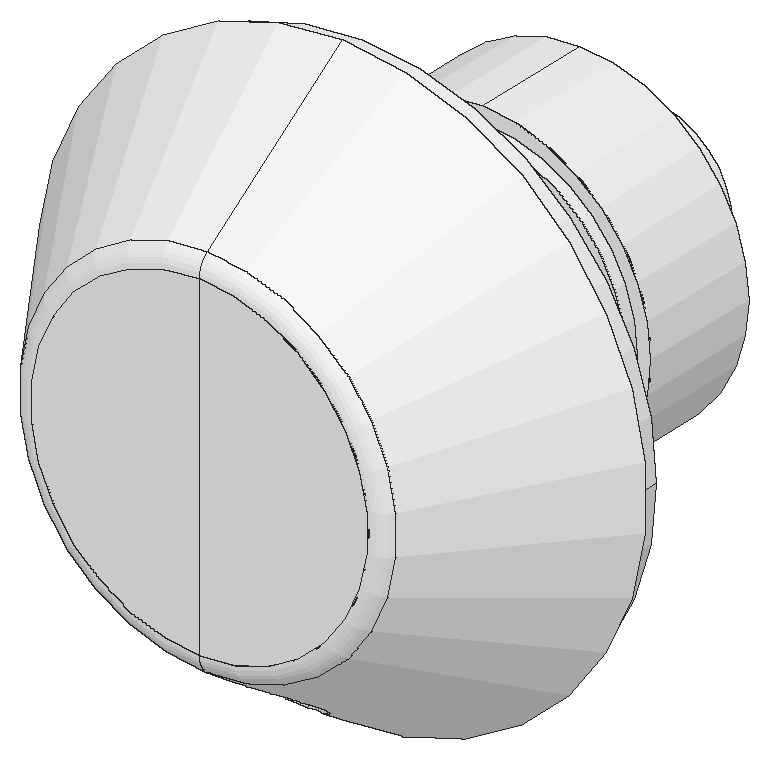
Revit family "NBS_WallgateLtd_WtrSplyFitngsForWshBsnsAndTrghs_BWN003", category Plumbing Fixtures, Revit 2014
Parameters (values of type "BWN003")
  Weight = "0.5kg"
  WaterSupplyTemperatureMaximum = "n/a"
  WaterSupplyFittingMaterial = NBS_Concept
  WarrantyStartDate [instance] = "1900-12-31T23:59:59"
  WarrantyGuarantorParts = "n/a"
  WarrantyGuarantorLabor = "n/a"
  WarrantyDurationUnit = "year"
  WarrantyDurationParts = "1"
  WarrantyDurationLabor = "n/a"
  WarrantyDescription = "n/a"
  WallThickness [instance] = 20 mm
  Version = "3"  # constant formula
  ValveOperation = "Unset"
  ValveMechanism = "Unset"
  Uniclass2 = "45-31-93/491"
  ThirdPartyCertification = "Watermark Certification"
  TestPressure = "0"
  TagNumber [instance] = "n/a"
  SustainabilityPerformance = "n/a"
  Standards = "n/a"
  Size = "12.7"
  Shape = "n/a"
  SerialNumber [instance] = "n/a"
  Revision = "n/a"
  ReplacementCost = "n/a"
  Reference = "n/a"
  ProductInformation = "www.wallgate.com/document-centre/docmenu-washroom-accessories/docmenu-accessories-taps/doccat-taps-and-nozzles"
  OperationOptions = "Piezo touch button or infra red sensor"
  Operation = "n/a"
  OperatingMechanismMaterial = "n/a"
  NominalWidth = 75 mm
  NominalLength = 69 mm
  NominalHeight = 75 mm
  Name = "WaterSupplyFittingsForBasinsAndTroughs_BWN003_WallgateLtd"
  NBSTypeID = "n/a"
  NBSReference = "45-35-70/371"
  NBSOfficeMasterTag = "n/a"
  NBSNote = "n/a"
  NBSDescription = "Water supply fittings for wash basins and troughs"
  NBSCertification = "www.nationalbimlibrary.com/cert/hzu4hzhd"
  ModelReference = "n/a"
  ModelNumber = "BWN003"
  Material = "n/a"
  ManufacturerURL = "www.wallgate.com"
  ManufacturerName = "Wallgate Ltd"  # constant formula
  Manufacturer = "sales@wallgate.com"
  IntegralAccessoryOptions = "WDCElectronicControllers,PBAPiezoTouchButtons,PBA-IRInfra-RedActivationSensors,WVPVVanityWaterValvePack,SHBWallHungBasinWithExposedServices,MV0001ThermostaticMixerValve,VT1000/2000/3000VanityTops,VBUUndermountVanityBowl"
  IntegralAccessories = "n/a"
  InstallationDate [instance] = "1900-12-31T23:59:59"
  IfcExportType = "FAUCET"  # constant formula
  IfcExportAs = "IfcValveType"  # constant formula
  Grade = "n/a"
  Form = "n/a"
  FlowRateMaximum = "9 L/ min at 0.3 bar"
  FlowCoefficient = 0
  Finish = "Stainless steel"
  Features = "Hygienic and easily cleaned, highly vandal-resistant"
  FaucetType = "Other"
  FaucetTopDescription = "Deck mounted stainless steel ligature resistent faucet"
  FaucetOperation = "TimedSelfClosing"
  FaucetFunction = "Unset"
  ExpectedLife = "n/a"
  DurationUnit = "year"
  Description = "Anti-ligature, anti-vandal stainless steel, deck mounted basin water nozzle, 75 mm diameter"
  Constituents = "n/a"
  Color = "n/a"
  CodePerformance = "n/a"
  CloseOffRating = 0
  Category = "n/a"
  BodyMaterial = "Stainless steel"
  BarCode [instance] = "n/a"
  BIMObjectName = "NBS_WallgateLtd_WaterSupplyFittingsForBasinsAndTroughs_BWN003"
  Author = "NBS"  # constant formula
  AssetType = "Fixed"
  AssetIdentifier [instance] = "n/a"
  AccessibilityPerformance = "n/a"
Reference planes
  plane 1 "Center (Front/Back)": y = 0
  plane 2: z = 0
  plane 3 "Center (Left/Right)": x = 0
  plane 4 "Nut": y = 20
  plane 5: y = 47
  plane 6: y = 3
  plane 7: y = 21.6
Forms (mm)
  Extrusion 1, void
    sketch origin (0, -1.584, -101.259) x (0, -1, 0) y (1, 0, 0)
      loop
        circle (10, 0) r 6.25
    from 62.5 to 77.5
  Revolve 2, solid, material "NBS_Concept" <- "WaterSupplyFittingMaterial"
    sketch origin (0, 0, 0) x (0, 1, 0) y (0, 0, 1)
      loop
        line (0, 0) -> (0, 37.5) -> (-20.704, 23.264)
        arc (-20.704, 23.264) -> (-21.656, 22.192) -> (-22, 20.8) r 2.99
        line (-22, 20.8) -> (-22, 0) -> (0, 0)
      axis (0, 0) -> (-22, 0)
    angle from 0 to 360
  Extrusion 3, solid, material "NBS_Concept" <- "WaterSupplyFittingMaterial"
    sketch origin (0, 0, 0) x (1, 0, 0) y (0, 0, 1)
      loop
        circle (0, 0) r 9.25
    from 0 to -3
  Extrusion 4, solid, material "NBS_Concept" <- "WaterSupplyFittingMaterial"
    sketch origin (0, 0, 0) x (1, 0, 0) y (0, 0, 1)
      loop
        circle (0, 0) r 10.5
    from -3 to -47
  Extrusion 5, solid, material "NBS_Concept" <- "WaterSupplyFittingMaterial", detail levels fine
    sketch origin (0, 0, 0) x (1, 0, 0) y (0, 0, 1)
      loop
        circle (-25, 0) r 1.5
    from -3 to -10
  Extrusion 6, solid, material "NBS_Concept" <- "WaterSupplyFittingMaterial"
    sketch origin (0, 0, 0) x (1, 0, 0) y (0, 0, 1)
      loop
        circle (0, 0) r 36.25
    from 0 to -3
  Extrusion 7, solid, material "NBS_Concept" <- "WaterSupplyFittingMaterial", detail levels fine
    sketch origin (0, 0, 0) x (1, 0, 0) y (0, 0, 1)
      loop
        circle (0, 0) r 19
    from -20 to -21.6
  Extrusion 8, solid, material "NBS_Concept" <- "WaterSupplyFittingMaterial", detail levels fine
    sketch origin (-0.018, 20, 0) x (0, 0, 1) y (-1, 0, 0)
      loop
        circle (0, 0) r 20.75
    from -1.6 to -16.6
  Extrusion 9, void
    sketch origin (0, 20, 0) x (0, 0, 1) y (-1, 0, 0)
      loop
        circle (0, 0) r 10.5
    from 20 to -27
Cuts and joins
  Extrusion 1 cuts Revolve 2
  Extrusion 9 cuts Extrusion 7
  Extrusion 9 cuts Extrusion 8
  Extrusion 9 cuts Extrusion 6
Lines and regions (mm)
  Masking region 1
    outline origin (0, 0, 0) x (1, 0, 0) y (0, 1, 0)
      loop
        line (-37.5, 0) -> (-23.242, -20.731)
        arc (-23.242, -20.731) -> (-22.336, -21.576) -> (-21.158, -21.959) r 2.862
        line (-21.158, -21.959) -> (21.011, -21.959)
        arc (21.011, -21.959) -> (22.353, -21.53) -> (23.384, -20.571) r 3.225
        line (23.384, -20.571) -> (37.5, 0) -> (-37.5, 0)
  Masking region 2
    outline origin (0, 0, 0) x (1, 0, 0) y (0, 0, 1)
      loop
        circle (0, 0) r 37.5
  Masking region 3, detail levels coarse
    outline origin (0, 0, 0) x (1, 0, 0) y (0, 1, 0)
      loop
        line (-37.5, 0) -> (-22.398, -21.959) -> (22.432, -21.959) -> (37.5, 0) -> (-37.5, 0)
  symbolic lines, detail levels fine
    curve 1: line (0, 0, -25.237) -> (0, 0, -33.832)
    curve 2: line (0, 0, -33.832) -> (0, 0, -25.237)
  symbolic lines, detail levels medium+fine
    curve 3: arc (-0.018, 0, 20.75) -> (-20.768, 0, 0) -> (-0.018, 0, -20.75) r 20.75
    curve 4: arc (-0.018, 0, -20.75) -> (20.732, 0, 0) -> (-0.018, 0, 20.75) r 20.75
Dimensions and locks
  "WallThickness": plane 4 "Nut" to plane 1 "Center (Front/Back)"
  locked: plane 1 "Center (Front/Back)" to plane 5 at 47
  locked: plane 1 "Center (Front/Back)" to plane 6 at 3
  locked: plane 4 "Nut" to plane 7 at 1.6
  aligned and locked: level to plane 2
  aligned and locked: plane 1 "Center (Front/Back)" to Extrusion 9
  aligned and locked: Extrusion 9 to Extrusion 4
  aligned and locked: plane 5 to Extrusion 4
  aligned and locked: plane 1 "Center (Front/Back)" to Extrusion 6
  aligned and locked: Extrusion 6 to Extrusion 3
  aligned and locked: Extrusion 8 to plane 7
  aligned and locked: Extrusion 7 to cut or joined group of Extrusion 8, Extrusion 9
  aligned and locked: plane 4 "Nut" to Extrusion 7
  aligned and locked: Extrusion 3 to Extrusion 5
Automatic sketch dimensions
  level to Extrusion 3 sketch curve = 0 mm
  Extrusion 3 sketch curve to plane 3 "Center (Left/Right)" = 0 mm
  level to Extrusion 4 sketch curve = 0 mm
  Extrusion 4 sketch curve to plane 3 "Center (Left/Right)" = 0 mm
  level to Extrusion 5 sketch curve = 0 mm
  Extrusion 5 sketch curve to plane 3 "Center (Left/Right)" = 25 mm
  level to Extrusion 6 sketch curve = 0 mm
  Extrusion 6 sketch curve to plane 3 "Center (Left/Right)" = 0 mm
  level to Extrusion 7 sketch curve = 0 mm
  Extrusion 7 sketch curve to plane 3 "Center (Left/Right)" = 0 mm
  level to Extrusion 8 sketch curve = 0 mm
  Extrusion 8 sketch curve to plane 3 "Center (Left/Right)" = 0.018 mm
  level to Extrusion 9 sketch curve = 0 mm
  Extrusion 9 sketch curve to plane 3 "Center (Left/Right)" = 0 mm
  Extrusion 1 sketch curve to plane 3 "Center (Left/Right)" = 0 mm
  plane 1 "Center (Front/Back)" to Extrusion 1 sketch curve = 11.584 mm
  Revolve 2 sketch curve to plane 1 "Center (Front/Back)" = 0 mm
  level to Revolve 2 sketch curve = 37.5 mm
  plane 1 "Center (Front/Back)" to Revolve 2 sketch curve = 20.704 mm
  Revolve 2 sketch curve to Revolve 2 sketch curve = 1.296 mm
  Revolve 2 sketch curve to Revolve 2 sketch curve = 4.945 mm
  Revolve 2 sketch curve to Revolve 2 sketch curve = 1.694 mm
  plane 4 "Nut" to Revolve 2 sketch curve = 6.945 mm
  level to Revolve 2 sketch curve = 23.264 mm
  Revolve 2 sketch curve to Revolve 2 sketch curve = 20.8 mm
  Revolve 2 sketch curve to Revolve 2 sketch curve = 0 mm
  plane 1 "Center (Front/Back)" to Masking region 1 sketch curve = 0 mm
  Masking region 1 sketch curve to plane 3 "Center (Left/Right)" = 37.5 mm
  plane 1 "Center (Front/Back)" to Masking region 1 sketch curve = 21.959 mm
  Masking region 1 sketch curve to plane 3 "Center (Left/Right)" = 23.242 mm
  Masking region 1 sketch curve to Masking region 1 sketch curve = 2.084 mm
  plane 3 "Center (Left/Right)" to Masking region 1 sketch curve = 21.011 mm
  Masking region 1 sketch curve to Masking region 1 sketch curve = 2.373 mm
  Masking region 1 sketch curve to Masking region 1 sketch curve = 14.116 mm
  Masking region 1 sketch curve to Masking region 1 sketch curve = 0.274 mm
  Masking region 1 sketch curve to Masking region 1 sketch curve = 2.659 mm
  Masking region 1 sketch curve to Masking region 1 sketch curve = 1.227 mm
  Masking region 1 sketch curve to Masking region 1 sketch curve = 1.387 mm
  Masking region 2 sketch curve to Masking region 2 sketch curve = 0 mm  (x2)
  Masking region 2 sketch curve to plane 3 "Center (Left/Right)" = 0 mm
  Masking region 2 sketch curve to level = 0 mm
  Masking region 2 sketch curve to level = 37.5 mm
  curve 3 to curve 4 = 0 mm  (x2)
  curve 4 to level = 0 mm
  curve 2 to plane 3 "Center (Left/Right)" = 0 mm
  curve 1 to plane 3 "Center (Left/Right)" = 0 mm
  curve 4 to plane 3 "Center (Left/Right)" = 0.018 mm
  curve 3 to level = 20.75 mm
  curve 1 to curve 4 = 4.487 mm
  curve 2 to curve 1 = 0 mm
  curve 2 to curve 1 = 8.595 mm
  curve 1 to curve 2 = 0 mm
  plane 1 "Center (Front/Back)" to Masking region 3 sketch curve = 0 mm
  Masking region 3 sketch curve to plane 3 "Center (Left/Right)" = 37.5 mm
  Masking region 3 sketch curve to plane 3 "Center (Left/Right)" = 22.398 mm
  plane 1 "Center (Front/Back)" to Masking region 3 sketch curve = 21.959 mm
  plane 3 "Center (Left/Right)" to Masking region 3 sketch curve = 22.432 mm
  Masking region 3 sketch curve to Masking region 3 sketch curve = 15.068 mm
  radius of Extrusion 3 sketch curve = 9.25 mm
  radius of Extrusion 4 sketch curve = 10.5 mm
  radius of Extrusion 5 sketch curve = 1.5 mm
  radius of Extrusion 6 sketch curve = 36.25 mm
  radius of Extrusion 7 sketch curve = 19 mm
  radius of Extrusion 8 sketch curve = 20.75 mm
  radius of Extrusion 9 sketch curve = 10.5 mm
  radius of Extrusion 1 sketch curve = 6.25 mm
Connectors
  piping at (0, 47, 0), diameter 21
    settings: on Extrusion 4, index 1, connector inside diameter 21 mm, connector length 0 mm, flow factor 0, pipe flow 0.0 L/s, pressure drop 0.0 Pa, fitting loss kfactor 0, connector angle 0.00°, fixture units 0, engagement length 0 mm, angle of deflection 0.00°, flow configuration 0, flow direction 0, fitting loss method 0, system type 19, joint type 0, gender type 0, connector reference index -1, connector utility 0, adjustable connector no, is connector primary yes, connector description ""
